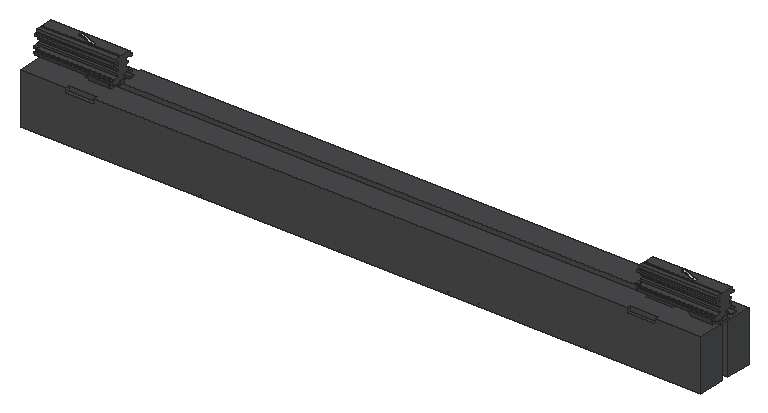
Revit family "DOT DOUBLE HEAD RAIL 964_DTM60U9.7_W9.7_N9.7", category Luminarias, Revit 2019 (continued)
Types (12, lengths in mm): name | Ángulo de enfoque | Ángulo de campo de foco | built-in parameter 1150107 | Modelo | built-in parameter 1150105 | built-in parameter 1150106 | Lumens | built-in parameter 1150104 | Descripción | built-in parameter 1150134
  DOT DOUBLE HEAD RAIL 964_DTM60W9.7.15 | 15.00° | 15.00° | 3000 (stored number, unit not read) | "DTM60W9.7.15" | 130686.8 (stored number, unit not read) | 1306.9 (stored number, unit not read) | 12960 lm | 15.05 (stored number, unit not read) | "LUMINARIA DE DOBLE CABEZAL TIPO DOWNLIGHT EN FORMATO RECTANGULAR COMPATIBLE CON RIEL DE 6 ENTRADAS Y 3 CIRCUITOS CON CABEZAL PARA PODER DIRIGIR LA LUMINARIA HASTA 90 GRADOS, CUERPO DE ALUMINIO ACABADO EN COLOR NEGRO, IP 20, PESO 4.16Kg, TIPO DE LED 3030SMD PHILIPS CON 80W TOTAL, 6300 LUMENES, 162LM/W, IRC 90, TEMPERATURA EN BLANCO CALIDO 3000K, 50 MIL HORAS DE VIDA PROMEDIO, APERTURA DE 15 GRADOS POR PROYECTO, ALIMENTADO A 90-240V" | (empty or 0)
  DOT DOUBLE HEAD RAIL 964_DTM60W9.7.36 | 36.00° | 36.00° | 3000 (stored number, unit not read) | "DTM60W9.7.36" | 130686.8 (stored number, unit not read) | 1306.9 (stored number, unit not read) | 12960 lm | 15.05 (stored number, unit not read) | "LUMINARIA DE DOBLE CABEZAL TIPO DOWNLIGHT EN FORMATO RECTANGULAR COMPATIBLE CON RIEL DE 6 ENTRADAS Y 3 CIRCUITOS CON CABEZAL PARA PODER DIRIGIR LA LUMINARIA HASTA 90 GRADOS, CUERPO DE ALUMINIO ACABADO EN COLOR NEGRO, IP 20, PESO 4.16Kg, TIPO DE LED 3030SMD PHILIPS CON 80W TOTAL, 6300 LUMENES, 162LM/W, IRC 90, TEMPERATURA EN BLANCO CALIDO 3000K, 50 MIL HORAS DE VIDA PROMEDIO, APERTURA DE 36 GRADOS POR PROYECTO, ALIMENTADO A 90-240V" | (empty or 0)
  DOT DOUBLE HEAD RAIL 964_DTM60W9.7.1535 | 35.00° | 15.00° | 3000 (stored number, unit not read) | "DTM60W9.7.1535" | 130686.8 (stored number, unit not read) | 1306.9 (stored number, unit not read) | 12960 lm | 15.05 (stored number, unit not read) | "LUMINARIA DE DOBLE CABEZAL TIPO DOWNLIGHT EN FORMATO RECTANGULAR COMPATIBLE CON RIEL DE 6 ENTRADAS Y 3 CIRCUITOS CON CABEZAL PARA PODER DIRIGIR LA LUMINARIA HASTA 90 GRADOS, CUERPO DE ALUMINIO ACABADO EN COLOR NEGRO, IP 20, PESO 4.16Kg, TIPO DE LED 3030SMD PHILIPS CON 80W TOTAL, 6300 LUMENES, 162LM/W, IRC 90, TEMPERATURA EN BLANCO CALIDO 3000K, 50 MIL HORAS DE VIDA PROMEDIO, APERTURA ELIPTICA DE 15X35 GRADOS POR PROYECTO, ALIMENTADO A 90-240V" | (empty or 0)
  DOT DOUBLE HEAD RAIL 964_DTM60N9.7.24 | 24.00° | 24.00° | 4000 (stored number, unit not read) | "DTM60N9.7.24" | 132300.2 (stored number, unit not read) | 1323 (stored number, unit not read) | 13120 lm | 15.236 (stored number, unit not read) | "LUMINARIA DE DOBLE CABEZAL TIPO DOWNLIGHT EN FORMATO RECTANGULAR COMPATIBLE CON RIEL DE 6 ENTRADAS Y 3 CIRCUITOS CON CABEZAL PARA PODER DIRIGIR LA LUMINARIA HASTA 90 GRADOS, CUERPO DE ALUMINIO ACABADO EN COLOR NEGRO, IP 20, PESO 4.16Kg, TIPO DE LED 3030SMD PHILIPS CON 80W TOTAL, 6400 LUMENES, 164LM/W, IRC 90, TEMPERATURA EN BLANCO FRIO 4000K, 50 MIL HORAS DE VIDA PROMEDIO, APERTURA DE 24 GRADOS POR STOCK, ALIMENTADO A 90-240V" | 12
  DOT DOUBLE HEAD RAIL 964_DTM60N9.7.36 | 36.00° | 36.00° | 4000 (stored number, unit not read) | "DTM60N9.7.36" | 132300.2 (stored number, unit not read) | 1323 (stored number, unit not read) | 13120 lm | 15.236 (stored number, unit not read) | "LUMINARIA DE DOBLE CABEZAL TIPO DOWNLIGHT EN FORMATO RECTANGULAR COMPATIBLE CON RIEL DE 6 ENTRADAS Y 3 CIRCUITOS CON CABEZAL PARA PODER DIRIGIR LA LUMINARIA HASTA 90 GRADOS, CUERPO DE ALUMINIO ACABADO EN COLOR NEGRO, IP 20, PESO 4.16Kg, TIPO DE LED 3030SMD PHILIPS CON 80W TOTAL, 6400 LUMENES, 164LM/W, IRC 90, TEMPERATURA EN BLANCO FRIO 4000K, 50 MIL HORAS DE VIDA PROMEDIO, APERTURA DE 36 GRADOS POR PROYECTO, ALIMENTADO A 90-240V" | 12
  DOT DOUBLE HEAD RAIL 964_DTM60N9.7.15 | 15.00° | 15.00° | 4000 (stored number, unit not read) | "DTM60N9.7.15" | 132300.2 (stored number, unit not read) | 1323 (stored number, unit not read) | 13120 lm | 15.236 (stored number, unit not read) | "LUMINARIA DE DOBLE CABEZAL TIPO DOWNLIGHT EN FORMATO RECTANGULAR COMPATIBLE CON RIEL DE 6 ENTRADAS Y 3 CIRCUITOS CON CABEZAL PARA PODER DIRIGIR LA LUMINARIA HASTA 90 GRADOS, CUERPO DE ALUMINIO ACABADO EN COLOR NEGRO, IP 20, PESO 4.16Kg, TIPO DE LED 3030SMD PHILIPS CON 80W TOTAL, 6400 LUMENES, 164LM/W, IRC 90, TEMPERATURA EN BLANCO FRIO 4000K, 50 MIL HORAS DE VIDA PROMEDIO, APERTURA DE 15 GRADOS POR PROYECTO, ALIMENTADO A 90-240V" | 12
  DOT DOUBLE HEAD RAIL 964_DTM60N9.7.1535 | 35.00° | 15.00° | 4000 (stored number, unit not read) | "DTM60N9.7.1535" | 132300.2 (stored number, unit not read) | 1323 (stored number, unit not read) | 13120 lm | 15.236 (stored number, unit not read) | "LUMINARIA DE DOBLE CABEZAL TIPO DOWNLIGHT EN FORMATO RECTANGULAR COMPATIBLE CON RIEL DE 6 ENTRADAS Y 3 CIRCUITOS CON CABEZAL PARA PODER DIRIGIR LA LUMINARIA HASTA 90 GRADOS, CUERPO DE ALUMINIO ACABADO EN COLOR NEGRO, IP 20, PESO 4.16Kg, TIPO DE LED 3030SMD PHILIPS CON 80W TOTAL, 6400 LUMENES, 164LM/W, IRC 90, TEMPERATURA EN BLANCO FRIO 4000K, 50 MIL HORAS DE VIDA PROMEDIO, APERTURA ELIPTICA DE 15X35 GRADOS POR PROYECTO, ALIMENTADO A 90-240V" | 12
